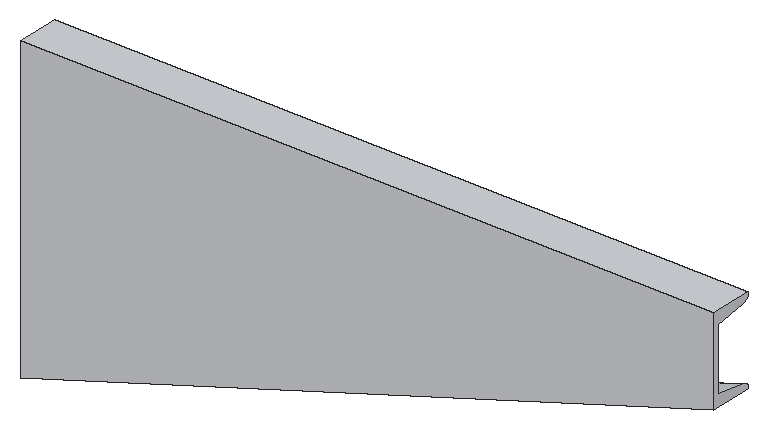
Revit family "NS_Tapered Beam_C Channel", category Structural Framing, Revit 2022
Family settings
  Structural Framing Length Roundoff = 0' - 0"
  Section Shape = Not Defined
  Material for Model Behavior = Steel
  Always export as geometry = No
  OmniClass Number = 23.25.30.11.14.14
  OmniClass Title = Beams
  Always vertical = Yes
  Cut with Voids When Loaded = No
  Symbolic Representation = From Project Settings
  Shared = No
  Show family pre-cut in plan views = Yes
Parameters (values of type "NS_530x75mm")
  x = 0' - 0.59055"
  W = 15.5
  Taper Switch [instance] = yes
  td [instance] = if(Taper Switch, Taper Depth, d)  # 0' - 6"
  Taper Depth [instance] = 0' - 6"
  Structural Material [instance] = Metal - Steel - ASTM A992
  Start Extension Calculation [instance] = 10' 0 1/2" + Start Extension  # 10' - 0"
  Start Extension [instance] = -0' - 0 1/2"
  End Extension Calculation [instance] = 10' 0 1/2" + End Extension  # 10' - 0"
  End Extension [instance] = -0' - 0 1/2"
  Assembly Code = "B10"
  Length [instance] = 5' - 0"
  bf = 0' - 2.95276"
  d = 1' - 8.86614"
  tf = 0' - 0 1/2"
  tw = 0' - 0 9/32"
  A = 4.56 in²
Types (4): name | x | d
  NS_530x75mm | 0' - 0.59055" | 1' - 8.86614"
  NS_400x75mm | 0' - 0.59055" | 1' - 3.74803"
  NS_300x75mm 2 | 0' - 0 179/256" | 0' - 9.05512"
  NS_300x75mm | 0' - 0 179/256" | 0' - 11.81102"
Reference planes (in)
  plane 1 "Center (Front/Back)": y = 0
  plane 2: z = 0
  plane 3 "Center (Left/Right)": x = 0.1815
  plane 4 "Member Left": x = -23.8185
  plane 5 "Member Right": x = 24.1815
  plane 6: y = 1.47638
  plane 7: y = -1.47638
  plane 8 "Top": z = 10.43307
  plane 9: z = -10.43307
  plane 10 "Left": x = -29.8185
  plane 11 "Right": x = 30.1815
  plane 12: x = -23.8185
  plane 13: x = 24.1815
  plane 14: x = 96.1815
  plane 15: x = -95.8185
Forms (in)
  SweptBlend 1, solid, detail levels fine
    path origin (0, 0, 0) x (1, 0, 0) y (0, 1, 0)
      loop
        line (-23.8185, 0) -> (24.1815, 0)
    profile "C-Channel-Profile-Fine : C-Channel-Profile-Fine" origin (-23.8185, 0, 0) x (0, 1, 0) y (0, 0, 1)
      loop
        line (-0.59055, -10.43307) -> (2.3622, -10.43307)
        arc (2.3622, -10.43307) -> (2.21576, -10.07952) -> (1.8622, -9.93307) r 0.5
        line (1.8622, -9.93307) -> (-0.3093, -9.58914) -> (-0.3093, 9.58914) -> (1.8622, 9.93307)
        arc (1.8622, 9.93307) -> (2.21576, 10.07952) -> (2.3622, 10.43307) r 0.5
        line (2.3622, 10.43307) -> (-0.59055, 10.43307) -> (-0.59055, -10.43307)
    end profile "C-Channel-Profile-Fine-Tapered : C-Channel-Profile-Fine-Tapered" origin (24.1815, 0, 0) x (0, 1, 0) y (0, 0, 1)
      loop
        line (-0.59055, 4.43307) -> (2.3622, 4.43307)
        arc (2.3622, 4.43307) -> (2.21576, 4.78662) -> (1.8622, 4.93307) r 0.5
        line (1.8622, 4.93307) -> (-0.3093, 5.277) -> (-0.3093, 9.58914) -> (1.8622, 9.93307)
        arc (1.8622, 9.93307) -> (2.21576, 10.07952) -> (2.3622, 10.43307) r 0.5
        line (2.3622, 10.43307) -> (-0.59055, 10.43307) -> (-0.59055, 4.43307)
  SweptBlend 2, solid, detail levels medium
    path origin (0, 0, 0) x (1, 0, 0) y (0, 1, 0)
      loop
        line (-23.8185, 0) -> (24.1815, 0)
    profile "C-Channel-Profile-Medium : C-Channel-Profile-Medium" origin (-23.8185, 0, 0) x (0, 1, 0) y (0, 0, 1)
      loop
        line (-0.59055, -10.43307) -> (2.3622, -10.43307) -> (2.3622, -9.93307) -> (-0.3093, -9.50995) -> (-0.3093, 9.50995) -> (2.3622, 9.93307) -> (2.3622, 10.43307) -> (-0.59055, 10.43307) -> (-0.59055, -10.43307)
    end profile "C-Channel-Profile-Medium-Tapered : C-Channel-Profile-Medium-Tapered" origin (24.1815, 0, 0) x (0, 1, 0) y (0, 0, 1)
      loop
        line (-0.59055, 4.43307) -> (2.3622, 4.43307) -> (2.3622, 4.93307) -> (-0.3093, 5.3562) -> (-0.3093, 9.50995) -> (2.3622, 9.93307) -> (2.3622, 10.43307) -> (-0.59055, 10.43307) -> (-0.59055, 4.43307)
Lines and regions (in)
  symbolic lines, style "Hidden Faces", detail levels medium+fine
    curve 1: line (24.1815, -0.14063, 0) -> (-23.8185, -0.14063, 0)
    curve 2: line (24.1815, 0.14062, 0) -> (-23.8185, 0.14062, 0)
  symbolic lines, style "Stick Symbols", detail levels coarse
    curve 3: line (0.1815, 1.47638, 10.43307) -> (0.1815, -1.47638, 10.43307)
    curve 4: line (0.1815, 0, 10.43307) -> (0.1815, 0, -10.43307)
Dimensions and locks (in)
  "bf": plane 6 to plane 7
  "d": plane 9 to plane 8 "Top"
  equal spacing: plane 9, plane 2, plane 8 "Top"
  equal spacing: plane 6, plane 1 "Center (Front/Back)", plane 7
  "Length": plane 10 "Left" to plane 11 "Right"
  equal spacing: curve 2, plane 1 "Center (Front/Back)", curve 1
  "tw": curve 2 to curve 1
  locked: plane 4 "Member Left" to plane 14 at 120
  locked: plane 15 to plane 5 "Member Right" at 120
  "Start Extension Calculation": plane 12 to plane 14
  "End Extension Calculation": plane 15 to plane 13
  aligned and locked: plane 12 to curve 2
  aligned and locked: plane 12 to curve 1
  aligned and locked: plane 13 to curve 2
  aligned and locked: plane 13 to curve 1
  aligned and locked: plane 1 "Center (Front/Back)" to SweptBlend 1 sketch curve
  aligned and locked: plane 5 "Member Right" to SweptBlend 1 sketch curve
  aligned and locked: plane 4 "Member Left" to SweptBlend 1 sketch curve
  aligned and locked: plane 1 "Center (Front/Back)" to SweptBlend 2 sketch curve
  aligned and locked: plane 5 "Member Right" to SweptBlend 2 sketch curve
  aligned and locked: plane 4 "Member Left" to SweptBlend 2 sketch curve
Automatic sketch dimensions
  curve 4 to plane 1 "Center (Front/Back)" = 0' - 0"
  curve 3 to plane 7 = 0' - 0"
  curve 3 to plane 6 = 0' - 0"
  plane 9 to curve 4 = 0' - 0"
  plane 8 "Top" to curve 4 = 0' - 0"
